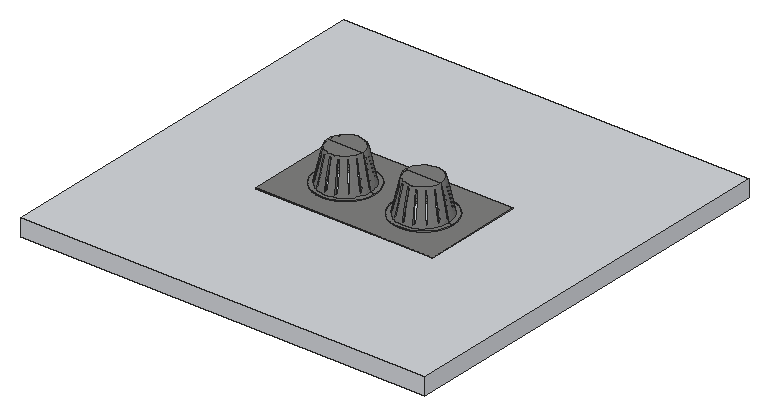
Revit family
Parameters (values of type "3"")
  URL = "WWW.MIFAB.COM"
  Top Diameter = 14.125"
  Roof Drain = Roof Drain
  R1 = 5.000"
  Pipe Radius = 1.500"
  Pipe Diameter = Pipe Radius * 2  # 3.000"
  PCD = 18.500"
  Model = "R1270"
  Manufacturer = "MIFAB"
  H3 = Body Height / 3.375  # 1.81481"
  H2 = Body Height / 1.99  # 3.07789"
  H1 = Body Height / 1.53  # 4.00327"
  Description = "COMBINED LARGE SUMP ROOF DRAIN AND SECONDARY OVERFLOW DRAIN"
  Default Elevation = 48.000"
  Body Height = 6.125"
Types (7): name | Pipe Radius | Pipe Diameter | H3 | H2 | H1 | Body Height
  (no name) | 1.500" | 3.000" | 1.81481" | 3.07789" | 4.00327" | 6.125"
  4" | 2.000" | 4.000" | 1.81481" | 3.07789" | 4.00327" | 6.125"
  2" | 1.000" | 2.000" | 1.81481" | 3.07789" | 4.00327" | 6.125"
  3" | 1.500" | 3.000" | 1.81481" | 3.07789" | 4.00327" | 6.125"
  5" | 2.500" | 5.000" | 1.81481" | 3.07789" | 4.00327" | 6.125"
  6" | 3.000" | 6.000" | 2.37037" | 4.0201" | 5.22876" | 8.000"
  8" | 4.000" | 8.000" | 2.37037" | 4.0201" | 5.22876" | 8.000"
Reference planes (in)
  plane 1 "Center (Front/Back)": y = 0
  plane 2: z = 0
  plane 3 "Center (Left/Right)": x = 0
  plane 4: z = -6.125
  plane 5: z = 0.11811
  plane 6: x = -9.25
  plane 7: x = 9.25
  plane 8: y = 12
  plane 9: x = -21
  plane 10: y = -12
  plane 11: x = 21
  plane 12: z = 8
  plane 13: x = -16.3125
  plane 14: x = -2.1875
  plane 15: x = 16.3125
  plane 16: x = 2.1875
Forms (in)
  Extrusion 1, solid
    sketch origin (0, 0, 0) x (1, 0, 0) y (0, 1, 0)
      loop
        line (-48, 48) -> (-48, -48) -> (48, -48) -> (48, 48) -> (-48, 48)
    from 0 to -4
  Extrusion 2, solid, material "Roof Drain" <- "Roof Drain"
    sketch origin (0, 0, 0) x (1, 0, 0) y (0, 1, 0)
      loop
        line (-21, 12) -> (-21, -12) -> (21, -12) -> (21, 12) -> (-21, 12)
      loop
        circle (-9.25, 0) r 7.0625
      loop
        circle (9.25, 0) r 7.0625
    from 0 to 0.11811
Dimensions and locks (in)
  "Body Height": level to plane 4
  equal spacing: plane 7, plane 3 "Center (Left/Right)", plane 6
  "PCD": plane 7 to plane 6
  equal spacing: plane 9, plane 3 "Center (Left/Right)", plane 11
  plane 9 to plane 11 = 42.000"
  equal spacing: plane 8, plane 1 "Center (Front/Back)", plane 10
  plane 8 to plane 10 = 24.000"
  plane 5 to level = 0.11811"
  plane 11 to nested 2 = 11.750"
  plane 12 to level = 8.000"
  equal spacing: plane 13, plane 6, plane 14, locked at 7.0625 each
  equal spacing: plane 16, plane 7, plane 15, locked at 7.0625 each
  plane 13 to plane 14 = 14.125"
  plane 16 to plane 15 = 14.125"
  aligned and locked: plane 2 to Extrusion 1
  aligned and locked: level to Extrusion 1
  aligned and locked: plane 6 to nested 1
  aligned and locked: nested 2 to plane 7
  aligned and locked: Extrusion 2 sketch curve to plane 8
  aligned and locked: plane 9 to Extrusion 2 sketch curve
  aligned and locked: Extrusion 2 sketch curve to plane 10
  aligned and locked: plane 11 to Extrusion 2 sketch curve
  aligned and locked: Extrusion 2 to plane 5
  aligned and locked: plane 6 to Extrusion 2 sketch curve
  aligned and locked: plane 1 "Center (Front/Back)" to Extrusion 2 sketch curve  (x2)
  aligned and locked: plane 7 to Extrusion 2 sketch curve
Automatic sketch dimensions
  Extrusion 1 sketch curve to Extrusion 1 sketch curve = 96.000"  (x2)
  radius of Extrusion 2 sketch curve = 7.0625"  (x2)
Nested families (in)
  nested 1: "R1200" at (-9.25, 0, 0), type "4""
    with Pipe Radius 1.500", Pipe Diameter 3.000"
  nested 2: "R1200" at (9.25, 0, 0) x (-1, 0, 0) z (0, 0, 1), type "4""
    with Pipe Radius 1.500", Pipe Diameter 3.000"
Connectors (in)
  piping at (-9.25, 0, -6.125), driven by "Pipe Radius"
    settings: on nested 1, index 1, connector radius 1 1/2", flow factor 0, pipe flow 0 GPM, pressure drop 0.00 psi, fitting loss kfactor 0, connector angle 0.00°, fixture units 0, flow configuration 0, flow direction 2, fitting loss method 0, system type 16, connector reference index -1, connector utility 0, adjustable connector no, is connector primary yes, fitting loss table "", connector description ""
  piping at (9.25, 0, -6.125), driven by "Pipe Radius"
    settings: on nested 2, index 2, connector radius 1 1/2", flow factor 0, pipe flow 0 GPM, pressure drop 0.00 psi, fitting loss kfactor 0, connector angle 0.00°, fixture units 0, flow configuration 0, flow direction 2, fitting loss method 0, system type 16, connector reference index -1, connector utility 0, adjustable connector no, is connector primary no, fitting loss table "", connector description ""
Definition of nested family "R1200"
  Parameters (values of type "4"")
    URL = "WWW.MIFAB.COM"
    Top Diameter = 14.125"
    Roof Drain = Roof Drain
    R1 = 5.000"
    Pipe Radius = 2.000"
    Pipe Diameter = Pipe Radius * 2  # 4.000"
    Model = "R1200"
    Manufacturer = "MIFAB"
    H3 = Body Height / 3.375  # 1.81481"
    H2 = Body Height / 1.99  # 3.07789"
    H1 = Body Height / 1.53  # 4.00327"
    Description = "LARGE SUMP ROOF DRAIN WITH PARABOLIC FLOW CONTROL WEIR"
    Default Elevation = 48.000"
    Body Height = 6.125"
  Types (7): name | Pipe Radius | Pipe Diameter | H3 | H2 | H1 | Body Height
    (no name) | 2.000" | 4.000" | 1.81481" | 3.07789" | 4.00327" | 6.125"
    4" | 2.000" | 4.000" | 1.81481" | 3.07789" | 4.00327" | 6.125"
    2" | 1.000" | 2.000" | 1.81481" | 3.07789" | 4.00327" | 6.125"
    3" | 1.500" | 3.000" | 1.81481" | 3.07789" | 4.00327" | 6.125"
    5" | 2.500" | 5.000" | 1.81481" | 3.07789" | 4.00327" | 6.125"
    6" | 3.000" | 6.000" | 2.37037" | 4.0201" | 5.22876" | 8.000"
    8" | 4.000" | 8.000" | 2.37037" | 4.0201" | 5.22876" | 8.000"
  Reference planes (in)
    plane 1 "Center (Front/Back)": y = 0
    plane 2: z = 0
    plane 3 "Center (Left/Right)": x = 0
    plane 4: x = 2.2
    plane 5: x = 4.25
    plane 6: x = 4.5
    plane 7: x = 5
    plane 8: x = 7.0625
    plane 9: x = 2
    plane 10: z = -6.125
    plane 11: z = -4.00327
    plane 12: z = -3.07789
    plane 13: z = -0.2
    plane 14: z = 0.2085
    plane 15: z = -1.81481
    plane 16: x = 4.2
    plane 17: z = 8
    plane 18: x = 6
    plane 19: x = -0.25
    plane 20: x = 0.25
    plane 21: z = 7.5
    plane 22: z = 0.7085
    plane 23: z = 5.5
    plane 24: x = -7.0625
    plane 25: x = -4.2
  Forms (in)
    Extrusion 1, solid
      sketch origin (0, 0, 0) x (1, 0, 0) y (0, 1, 0)
        loop
          line (-48, 48) -> (-48, -48) -> (48, -48) -> (48, 48) -> (-48, 48)
      from 0 to -4
    Revolve 2, solid, material "Roof Drain" <- "Roof Drain"
      sketch origin (0, 0, 0) x (1, 0, 0) y (0, 0, 1)
        loop
          line (2.2, -6.125) -> (2.2, -4.00327) -> (4.25, -4.00327) -> (4.5, -0.2) -> (5, -0.2) -> (5, 0) -> (7.0625, 0) -> (7.0625, 0.2085) -> (4.31396, 0.2085) -> (4.05026, -3.80327) -> (2, -3.80327) -> (2, -6.125) -> (2.2, -6.125)
        axis (0, 0.2085) -> (0, -6.125)
      angle from 0 to 360
    Revolve 3, solid, material "Roof Drain" <- "Roof Drain"
      sketch origin (0, 0, 0) x (1, 0, 0) y (0, 0, 1)
        loop
          line (0, 8) -> (0, 7.8) -> (4.04094, 7.8) -> (5.79473, 0.2085) -> (6, 0.2085) -> (4.2, 8) -> (0, 8)
        axis (0, 0.2085) -> (0, 8)
      angle from 0 to 360
    Extrusion 4, void
      sketch origin (0, 0, 0) x (1, 0, 0) y (0, 0, 1)
        loop
          line (-0.25, 7.5) -> (-0.25, 0.7085) -> (0.25, 0.7085) -> (0.25, 7.5) -> (-0.25, 7.5)
      from -6.43838 to 6.34689
    Extrusion 5, void
      sketch origin (0, 0, 0) x (0.92388, -0.382683, 0) y (0, 0, 1)
        loop
          line (-0.25, 7.5) -> (-0.25, 0.7085) -> (0.25, 0.7085) -> (0.25, 7.5) -> (-0.25, 7.5)
      from -6.43838 to 6.34689
    Extrusion 6, void
      sketch origin (0, 0, 0) x (0.92388, 0.382683, 0) y (0, 0, 1)
        loop
          line (-0.25, 7.5) -> (-0.25, 0.7085) -> (0.25, 0.7085) -> (0.25, 7.5) -> (-0.25, 7.5)
      from -6.43838 to 6.34689
    Extrusion 7, void
      sketch origin (0, 0, 0) x (0.707107, 0.707107, 0) y (0, 0, 1)
        loop
          line (-0.25, 7.5) -> (-0.25, 0.7085) -> (0.25, 0.7085) -> (0.25, 7.5) -> (-0.25, 7.5)
      from -6.43838 to 6.34689
    Extrusion 8, void
      sketch origin (0, 0, 0) x (0.382683, 0.92388, 0) y (0, 0, 1)
        loop
          line (-0.25, 7.5) -> (-0.25, 0.7085) -> (0.25, 0.7085) -> (0.25, 7.5) -> (-0.25, 7.5)
      from -6.43838 to 6.34689
    Extrusion 9, void
      sketch origin (0, 0, 0) x (0, 1, 0) y (0, 0, 1)
        loop
          line (-0.25, 7.5) -> (-0.25, 0.7085) -> (0.25, 0.7085) -> (0.25, 7.5) -> (-0.25, 7.5)
      from -6.43838 to 6.34689
    Extrusion 10, void
      sketch origin (0, 0, 0) x (-0.382683, 0.92388, 0) y (0, 0, 1)
        loop
          line (-0.25, 7.5) -> (-0.25, 0.7085) -> (0.25, 0.7085) -> (0.25, 7.5) -> (-0.25, 7.5)
      from -6.43838 to 6.34689
    Extrusion 11, void
      sketch origin (0, 0, 0) x (-0.707107, 0.707107, 0) y (0, 0, 1)
        loop
          line (-0.25, 7.5) -> (-0.25, 0.7085) -> (0.25, 0.7085) -> (0.25, 7.5) -> (-0.25, 7.5)
      from -6.43838 to 6.34689
  Cuts and joins
    Extrusion 4, Extrusion 5, Extrusion 6, Extrusion 7, Extrusion 8, Extrusion 9, Extrusion 10, Extrusion 11 cuts Revolve 3
  Dimensions and locks (in)
    "Pipe Radius": plane 9 to plane 3 "Center (Left/Right)"
    locked: plane 4 to plane 9 at 0.2
    "R1": plane 7 to plane 3 "Center (Left/Right)"
    locked: plane 5 to plane 3 "Center (Left/Right)" at 4.25
    locked: plane 6 to plane 3 "Center (Left/Right)" at 4.5
    "Body Height": level to plane 10
    level to plane 13 = 0.200"
    "H3": level to plane 15
    "H2": Extrusion 1 to plane 12
    "H1": level to plane 11
    locked: plane 17 to level at 8
    locked: plane 18 to plane 3 "Center (Left/Right)" at 6
    locked: plane 17 to Revolve 3 sketch curve at 0.2
    locked: Revolve 3 sketch curve to Revolve 3 sketch curve at 0.2
    locked: Revolve 2 sketch curve to Revolve 2 sketch curve at 0.2
    locked: Revolve 2 sketch curve to Revolve 2 sketch curve at 0.21243
    plane 17 to plane 21 = 0.500"
    locked: plane 22 to plane 14 at 0.5
    plane 23 to level = 5.500"
    equal spacing: plane 24, plane 3 "Center (Left/Right)", plane 8
    "Top Diameter": plane 24 to plane 8
    plane 25 to plane 16 = 8.400"
    plane 25 to plane 3 "Center (Left/Right)" to plane 16 = 4.200" locked, 4.200" locked
    aligned and locked: plane 2 to Extrusion 1
    aligned and locked: level to Extrusion 1
    aligned and locked: Revolve 2 sketch curve to plane 10
    aligned and locked: Revolve 2 sketch curve to plane 4
    aligned and locked: Revolve 2 sketch curve to plane 13
    aligned and locked: Revolve 2 sketch curve to plane 7
    aligned and locked: Extrusion 1 to Revolve 2 sketch curve
    aligned and locked: Revolve 2 sketch curve to plane 8
    aligned and locked: Revolve 2 sketch curve to plane 14
    aligned and locked: Revolve 2 sketch curve to plane 3 "Center (Left/Right)"
    aligned and locked: plane 9 to Revolve 2 sketch curve
    aligned and locked: Revolve 2 sketch curve to plane 11
    aligned and locked: plane 3 "Center (Left/Right)" to Revolve 3 sketch curve  (x2)
    aligned and locked: Revolve 3 sketch curve to plane 17
    aligned and locked: plane 16 to Revolve 3 sketch curve
    aligned and locked: Revolve 3 sketch curve to plane 14
  Automatic sketch dimensions
    Extrusion 1 sketch curve to Extrusion 1 sketch curve = 96.000"  (x2)
    Revolve 3 sketch curve to plane 18 = 0.000"
    Revolve 3 sketch curve to Revolve 3 sketch curve = 5.000"
    Revolve 3 sketch curve to Revolve 3 sketch curve = 1.750"
    Extrusion 4 sketch curve to Extrusion 4 sketch curve = 0.500"
    Extrusion 4 sketch curve to Extrusion 4 sketch curve = 6.7915"
    Extrusion 5 sketch curve to Extrusion 5 sketch curve = 0.500"
    Extrusion 5 sketch curve to Extrusion 5 sketch curve = 6.7915"
    Extrusion 6 sketch curve to Extrusion 6 sketch curve = 0.500"
    Extrusion 6 sketch curve to Extrusion 6 sketch curve = 6.7915"
    Extrusion 7 sketch curve to Extrusion 7 sketch curve = 0.500"
    Extrusion 7 sketch curve to Extrusion 7 sketch curve = 6.7915"
    Extrusion 8 sketch curve to Extrusion 8 sketch curve = 0.500"
    Extrusion 8 sketch curve to Extrusion 8 sketch curve = 6.7915"
    Extrusion 9 sketch curve to Extrusion 9 sketch curve = 0.500"
    Extrusion 9 sketch curve to Extrusion 9 sketch curve = 6.7915"
    Extrusion 10 sketch curve to Extrusion 10 sketch curve = 0.500"
    Extrusion 10 sketch curve to Extrusion 10 sketch curve = 6.7915"
    Extrusion 11 sketch curve to Extrusion 11 sketch curve = 0.500"
    Extrusion 11 sketch curve to Extrusion 11 sketch curve = 6.7915"
    Revolve 2 sketch curve to plane 5 = 0.000"
    Revolve 2 sketch curve to plane 6 = 0.000"
    plane 10 to Revolve 2 sketch curve = 5.000"
    Revolve 2 sketch curve to Revolve 2 sketch curve = 11.000"
  Connectors (in)
    piping at (0, 0, -6.125), driven by "Pipe Radius"
      settings: on Revolve 2, index 1, connector radius 2", flow factor 0, pipe flow 0 GPM, pressure drop 0.00 psi, fitting loss kfactor 0, connector angle 0.00°, fixture units 0, flow configuration 0, flow direction 2, fitting loss method 0, system type 16, connector reference index -1, connector utility 0, adjustable connector no, is connector primary yes, fitting loss table "", connector description ""
